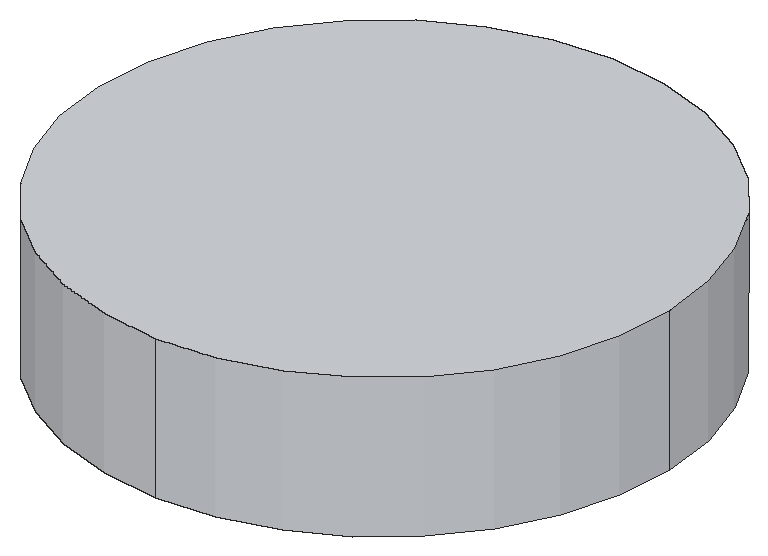
Revit family "44947153b6434aff8395a31df311cb33", category Mechanical Equipment, host Face, Revit 2021
Family settings
  Host = Face
  Round Connector Dimension = Use Radius
  Part Type = Normal
  OmniClass Number = 23.65.00.00
  OmniClass Title = Supply and Distribution of Liquids and Gases
  Seek Item ID = Pipe Connector - Hydronic Return - Mechanical Equipment-0000-USA-ENU
  Cut with Voids When Loaded = No
  Shared = No
  Room Calculation Point = No
Parameters (values of type "Standard")
  Thickness [instance] = 0' - 1"
  Nominal Radius [instance] = 2"
  Flow [instance] = 10 GPM
  Nominal Diameter [instance] = Nominal Radius * 2  # 4"
  Default Elevation = 0' - 0"
  Assembly Code = ""
Reference planes (in)
  plane 1 "Center (Front/Back)": y = 0
  plane 2: z = 0
  plane 3 "Center (Left/Right)": x = 0
Forms (in)
  Sweep 1, solid
    path in 3D
      loop
        line (0, 0, 0) -> (0, 0, 1)
    profile "Duct - Round : Duct - Round" origin (0, 0, 0.5) x (0, -1, 0) y (1, 0, 0)
      loop
        arc (-2, 0) -> (-1.41421, -1.41421) -> (0, -2) r 2
        arc (0, -2) -> (1.41421, -1.41421) -> (2, 0) r 2
        arc (2, 0) -> (1.41421, 1.41421) -> (0, 2) r 2
        arc (0, 2) -> (-1.41421, 1.41421) -> (-2, 0) r 2
Lines and regions (in)
  reference lines
    curve 1: line (0, 0, 0) -> (0, 0, 1)
  sketch lines
    curve 2: line (0, 0, 0) -> (0, 0, 1)
Dimensions and locks (in)
  "Thickness": curve 1 to curve 1
  aligned and locked: plane 2 to host face
  aligned and locked: level to host face
  aligned and locked: host face to curve 1
  aligned and locked: curve 1 to plane 1 "Center (Front/Back)"
Automatic sketch dimensions
  host sketch curve to host sketch curve = 8' - 0"  (x2)
Connectors (in)
  piping at (0, 0, 1), diameter 4, driven by "Flow", driven by "Nominal Radius"
    settings: on Sweep 1, index 1, connector inside diameter 4", connector length 0' - 0", flow factor 0, pipe flow 10 GPM, pressure drop 0.00 psi, fitting loss kfactor 0, connector angle 0.00°, fixture units 0, engagement length 0' - 0", angle of deflection 0.00°, flow configuration 1, flow direction 2, fitting loss method 0, system type 8, joint type 0, gender type 0, connector reference index -1, connector utility 0, adjustable connector no, is connector primary yes, connector description ""
